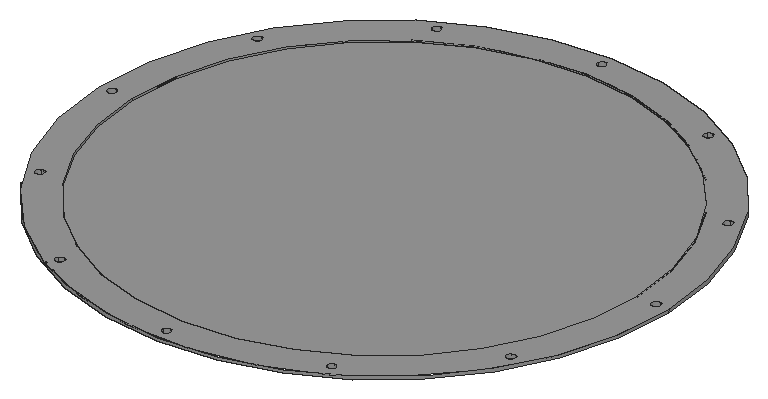
Revit family "СЗ-ВО", category Арматура воздуховодов, Revit 2021
Family settings
  Размер круглого соединителя = Использовать диаметр
  Тип детали = Присоединяется
  На основе рабочей плоскости = Нет
  Всегда вертикально = Да
  При загрузке вырезать с полостями = Нет
  Общий = Нет
Parameters (values of type "СЗ-ВО-900")
  Отметка по умолчанию = 0 mm
  Вес = "3.83 кг"
  n = 16
  R1 = D1 / 2  # 485 mm
  d = 15 mm
  Maintenance zone material = none
  Load Classification = "HVAC"
  Grid Material = Сетка, сталь, окрашенная, RAL5007
  Dy = 900 mm
  D2 = 1015 mm
  D1 = 970 mm
  Casing Material = Условный материал-отделка
  09_System_Name [instance] = ""
  00_20_Type = "СЗ-ВО-900"
  00_20_Name = "Захисна сітка"
  00_20_Manufacturer = "Вентс"  # constant formula
Types (12, lengths in mm): name | Вес | n | R1 | d | Grid Material | Dy | D2 | D1 | 00_20_Type
  (no name) | "3.83 кг" | 16 | 485 | 15 | Сетка, сталь, окрашенная, RAL5007 | 900 | 1015 | 970 | "СЗ-ВО-900"
  СЗ-ВО-400 | "1.28 кг" | 12 | 225 | 8 | Сетка, сталь, окрашенная, RAL5007 | 400 | 490 | 450 | "СЗ-ВО-400"
  СЗ-ВО-450 | "1.45 кг" | 12 | 250 | 8 | Cover Grid Cross | 450 | 540 | 500 | "СЗ-ВО-450"
  СЗ-ВО-500 | "1.77 кг" | 12 | 280 | 12 | Cover Grid Cross | 500 | 600 | 560 | "СЗ-ВО-500"
  СЗ-ВО-560 | "2 кг" | 12 | 310 | 12 | Cover Grid Cross | 560 | 660 | 620 | "СЗ-ВО-560"
  СЗ-ВО-630 | "2.28 кг" | 12 | 345 | 12 | Cover Grid Cross | 630 | 730 | 690 | "СЗ-ВО-630"
  СЗ-ВО-710 | "2.28 кг" | 16 | 385 | 12 | Cover Grid Cross | 710 | 810 | 770 | "СЗ-ВО-710"
  СЗ-ВО-800 | "2.59 кг" | 16 | 430 | 12 | Cover Grid Cross | 800 | 900 | 860 | "СЗ-ВО-800"
  СЗ-ВО-900 | "3.83 кг" | 16 | 485 | 15 | Сетка, сталь, окрашенная, RAL5007 | 900 | 1015 | 970 | "СЗ-ВО-900"
  СЗ-ВО-1000 | "4.32 кг" | 16 | 535 | 15 | Cover Grid Cross | 1000 | 1115 | 1070 | "СЗ-ВО-1000"
  СЗ-ВО-1120 | "6.2 кг" | 20 | 595 | 15 | Cover Grid Cross | 1120 | 1270 | 1190 | "СЗ-ВО-1120"
  СЗ-ВО-1250 | "7.03 кг" | 20 | 660 | 15 | Сетка, сталь, окрашенная, RAL5007 | 1250 | 1400 | 1320 | "СЗ-ВО-1250"
Reference planes
  plane 1 "По центру (Вперед/Назад)": y = 0
  plane 2: z = 0
  plane 3 "По центру (Влево/Вправо)": x = 0
Forms (mm)
  Extrusion 1, solid, material "Условный материал-отделка"
    sketch origin (0, 0, 0) x (1, 0, 0) y (0, 1, 0)
      loop
        circle (0, 0) r 450
      loop
        circle (0, 0) r 507.5
    from 0 to 6
  Extrusion 2, void
    sketch origin (0, 205, 0) x (1, 0, 0) y (0, 1, 0)
      loop
        circle (0, 280) r 7.5
    from 0 to 6
  Extrusion 3, void
    sketch origin (102.5, 177.535, 0) x (0.866025, -0.5, 0) y (0.5, 0.866025, 0)
      loop
        circle (0, 280) r 7.5
    from 0 to 6
  Extrusion 4, void
    sketch origin (-102.5, 177.535, 0) x (0.866025, 0.5, 0) y (-0.5, 0.866025, 0)
      loop
        circle (0, 280) r 7.5
    from 0 to 6
  Extrusion 5, void
    sketch origin (-177.535, 102.5, 0) x (0.5, 0.866025, 0) y (-0.866025, 0.5, 0)
      loop
        circle (0, 280) r 7.5
    from 0 to 6
  Extrusion 6, void
    sketch origin (-205, 0, 0) x (0, 1, 0) y (-1, 0, 0)
      loop
        circle (0, 280) r 7.5
    from 0 to 6
  Extrusion 7, void
    sketch origin (-177.535, -102.5, 0) x (-0.5, 0.866025, 0) y (-0.866025, -0.5, 0)
      loop
        circle (0, 280) r 7.5
    from 0 to 6
  Extrusion 8, void
    sketch origin (-102.5, -177.535, 0) x (-0.866025, 0.5, 0) y (-0.5, -0.866025, 0)
      loop
        circle (0, 280) r 7.5
    from 0 to 6
  Extrusion 9, void
    sketch origin (0, -205, 0) x (-1, 0, 0) y (0, -1, 0)
      loop
        circle (0, 280) r 7.5
    from 0 to 6
  Extrusion 10, void
    sketch origin (102.5, -177.535, 0) x (-0.866025, -0.5, 0) y (0.5, -0.866025, 0)
      loop
        circle (0, 280) r 7.5
    from 0 to 6
  Extrusion 11, void
    sketch origin (177.535, -102.5, 0) x (-0.5, -0.866025, 0) y (0.866025, -0.5, 0)
      loop
        circle (0, 280) r 7.5
    from 0 to 6
  Extrusion 12, void
    sketch origin (205, 0, 0) x (0, -1, 0) y (1, 0, 0)
      loop
        circle (0, 280) r 7.5
    from 0 to 6
  Extrusion 13, void
    sketch origin (177.535, 102.5, 0) x (0.5, -0.866025, 0) y (0.866025, 0.5, 0)
      loop
        circle (0, 280) r 7.5
    from 0 to 6
  Extrusion 14, solid, material "Сетка, сталь, окрашенная, RAL5007"
    sketch origin (0, 0, 0) x (1, 0, 0) y (0, 1, 0)
      loop
        circle (0, 0) r 450
    from 2 to 4
Cuts and joins
  Extrusion 2, Extrusion 3, Extrusion 4, Extrusion 5, Extrusion 6, Extrusion 7, Extrusion 8, Extrusion 9, Extrusion 10, Extrusion 11, Extrusion 12, Extrusion 13 cuts Extrusion 1
Dimensions and locks
  "Dy": diameter of Extrusion 1 sketch curve
  "D2": diameter of Extrusion 1 sketch curve
  "d": diameter of Extrusion 2 sketch curve
  "d": diameter of Extrusion 3 sketch curve
  "d": diameter of Extrusion 4 sketch curve
  "d": diameter of Extrusion 5 sketch curve
  "d": diameter of Extrusion 6 sketch curve
  "d": diameter of Extrusion 7 sketch curve
  "d": diameter of Extrusion 8 sketch curve
  "d": diameter of Extrusion 9 sketch curve
  "d": diameter of Extrusion 10 sketch curve
  "d": diameter of Extrusion 11 sketch curve
  "d": diameter of Extrusion 12 sketch curve
  "d": diameter of Extrusion 13 sketch curve
  "R1": radius of radial array
  "Dy": diameter of Extrusion 14 sketch curve
  aligned and locked: level to plane 2
Automatic sketch dimensions
  Extrusion 1 sketch curve to Extrusion 1 sketch curve = 0 mm  (x2)
  plane 1 "По центру (Вперед/Назад)" to Extrusion 1 sketch curve = 0 mm
  Extrusion 1 sketch curve to plane 3 "По центру (Влево/Вправо)" = 0 mm
  plane 1 "По центру (Вперед/Назад)" to Extrusion 14 sketch curve = 0 mm
  Extrusion 14 sketch curve to plane 3 "По центру (Влево/Вправо)" = 0 mm
